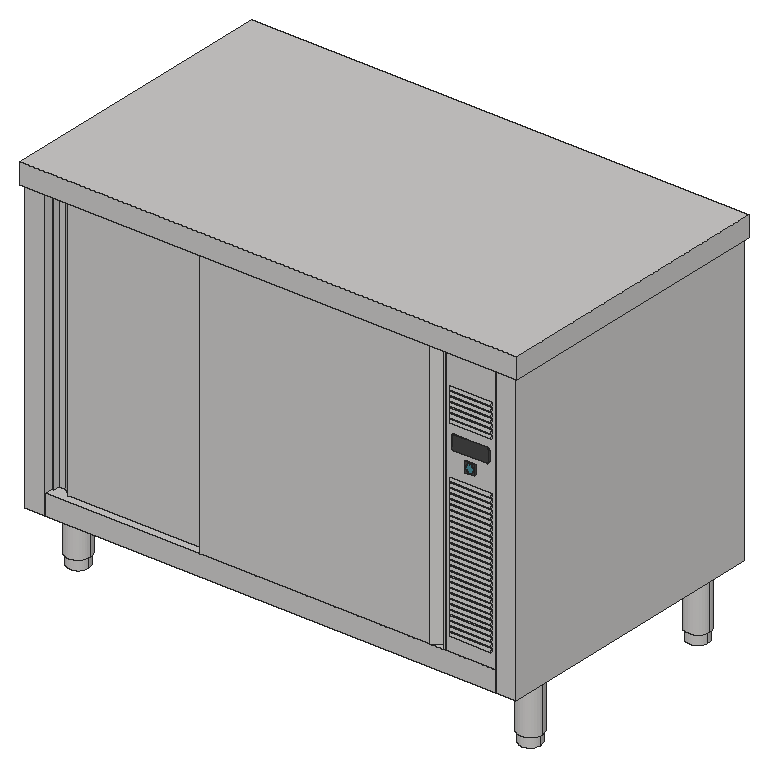
Revit family "QF_ELECTROLUXPROFESSIONAL_132786_MTC1200PN", category Attrezzature speciali, Revit 2020
Family settings
  Quota connettore circolare = Usa diametro
  Tipo di parte = Normale
  Basato su piano di lavoro = No
  Sempre verticale = Sì
  Taglio con vuoti quando caricato = No
  Condiviso = No
  Punto di calcolo locali = No
Parameters (values of type "Standard")
  Weight = 55.00 kg
  Watts = 2400 W
  Volts = 220 V
  URL Manufacturer = "https://www.electroluxprofessional.com/"
  URL = "https://www.electroluxprofessional.com/"
  Steam Supply Size = 0 mm
  Steam Supply Minimum Pressure = 0.0 Pa
  Steam Supply Maximum Pressure = 0.0 Pa
  Steam Consumption per Hour = 0
  Refrigeration Suction Line Size = 0.0 mm
  Refrigeration Liquid Line Size = 0.0 mm
  Refrigerant Compressor Remote = yes
  Prospetto di default = 0.0 mm
  Produttore = "Electrolux Professional"
  Phase = 1
  Modello = "MTC1200PN"
  Length Actual = 1200.0 mm  # constant formula
  Item Number = "132786"
  Hot Water Size = 0 mm
  Height Actual = 900.0 mm  # constant formula
  HP = "3.2 HP"
  Gas Size = 0 mm
  Gas KW = 0
  Gas Input Pressure = 0 W
  Direct Waste Size = 0 mm
  Descrizione = "HOT CUPB.VENTIL.+SHELF+SLIDING D. 1200MM"
  Depth Actual = 700.0 mm  # constant formula
  Cycle = 50 Hz
  Condensate Return Size = 0 mm
  Compressed Air Volume = 0.0 L/s
  Compressed Air Size = 0 mm
  Compressed Air Pressure = 0.0 Pa
  Cold Water Size = 0 mm
  Accessory = yes
Reference planes
  plane 1 "Center (Front/Back)": y = 0
  plane 2: z = 0
  plane 3 "Center (Left/Right)": x = -100
  plane 4 "LEFT": x = -700
  plane 5 "RIGHT": x = 500
  plane 6 "BACK": y = 350
  plane 7 "FRONT": y = -350
  plane 8 "Base": z = 850
  plane 9 "TOP": z = 900
  plane 10: x = -646.5
  plane 11: x = 446.5
  plane 12: y = 264.5
  plane 13: y = -241.5
  plane 14 "BodyLeft": x = -694.5
  plane 15 "BodyFront": y = -344.5
  plane 16 "BodyRight": x = 494.5
  plane 17 "BodyBack": y = 344.5
  plane 18 "FEET": z = 150
  plane 19: x = 324.5
  plane 20: x = -161
  plane 21: x = 444.5
  plane 22 "EIx": x = 400
  plane 23 "EIy": y = -170
Forms (mm)
  Extrusion 1, solid, material "QF_Finishes_Stainless Steel"
    sketch origin (-100, 0, 0) x (0, 1, 0) y (0, 0, 1)
      loop
        line (-350, 850) -> (350, 850) -> (350, 900) -> (-350, 900) -> (-350, 850)
    from 600 to -600
  Extrusion 2, solid, material "QF_Finishes_Stainless Steel"
    sketch origin (0, 0, 150) x (-1, 0, 0) y (0, -1, 0)
      loop
        line (694.5, -344.5) -> (694.5, 344.5) -> (644.5, 344.5) -> (644.5, -344.5) -> (694.5, -344.5)
      loop
        line (-444.5, -344.5) -> (-444.5, 344.5) -> (-494.5, 344.5) -> (-494.5, -344.5) -> (-444.5, -344.5)
    from 0 to 700
  Extrusion 3, solid, material "QF_Finishes_Stainless Steel"
    sketch origin (0, 0, 150) x (-1, 0, 0) y (0, -1, 0)
      loop
        line (644.5, -344.5) -> (644.5, 344.5) -> (-444.5, 344.5) -> (-444.5, -344.5) -> (644.5, -344.5)
    from 0 to 50
  Extrusion 4, solid, material "QF_Finishes_Stainless Steel"
    sketch origin (-1, 0, 150) x (-1, 0, 0) y (0, -1, 0)
      loop
        line (-325.5, 344.5) -> (-325.5, 324.5) -> (270.5, 324.5) -> (270.5, 344.5) -> (-285.5, 344.5) -> (-305.5, 329.5) -> (-320.5, 329.5) -> (-320.5, 344.5) -> (-325.5, 344.5)
    from 50 to 700
  Extrusion 5, solid, material "QF_Finishes_Stainless Steel"
    sketch origin (1, 20, 150) x (1, 0, 0) y (0, 1, 0)
      loop
        line (-645.5, -344.5) -> (-640.5, -344.5) -> (-640.5, -329.5) -> (-625.5, -329.5) -> (-605.5, -344.5) -> (-51.5, -344.5) -> (-51.5, -324.5) -> (-645.5, -324.5) -> (-645.5, -344.5)
    from 50 to 700
  Extrusion 6, solid, material "QF_Finishes_Stainless Steel"
    sketch origin (0, 0, 0) x (1, 0, 0) y (0, 1, 0)
      loop
        line (-644.5, -304.5) -> (324.5, -304.5) -> (324.5, 324.5) -> (-644.5, 324.5) -> (-644.5, -304.5)
    from 500 to 540
  Extrusion 7, solid, material "QF_Finishes_Stainless Steel"
    sketch origin (0, 0, 0) x (1, 0, 0) y (0, 1, 0)
      loop
        line (444.5, 344.5) -> (-644.5, 344.5) -> (-644.5, 324.5) -> (444.5, 324.5) -> (444.5, 344.5)
    from 200 to 850
  Extrusion 8, solid, material "QF_Finishes_Stainless Steel"
    sketch origin (0, 0, 150) x (-1, 0, 0) y (0, -1, 0)
      loop
        circle (-400, 170) r 10
    from 0 to -5
Cuts and joins
  joined: Extrusion 3, Extrusion 7
Lines and regions (mm)
  symbolic lines
    curve 1: line (500, 350, 900) -> (-700, 350, 900)
    curve 2: line (-700, 350, 900) -> (-700, -350, 900)
    curve 3: line (-700, -350, 900) -> (500, -350, 900)
    curve 4: line (500, -350, 900) -> (500, 350, 900)
  symbolic lines, style "SpecialityEquipmentHiddenLines"
    curve 5: line (-694.5, 344.5, 150) -> (494.5, 344.5, 150)
    curve 6: line (-694.5, -344.5, 150) -> (-694.5, 344.5, 150)
    curve 7: line (494.5, -344.5, 150) -> (-694.5, -344.5, 150)
    curve 8: line (494.5, 344.5, 150) -> (494.5, -344.5, 150)
    curve 9: line (-645.5, -304.5, 150) -> (-49.5, -304.5, 150)
    curve 10: line (-49.5, -304.5, 150) -> (-49.5, -324.5, 150)
    curve 11: line (-645.5, -324.5, 150) -> (444.5, -324.5, 150)
    curve 12: line (444.5, -324.5, 150) -> (444.5, -344.5, 150)
    curve 13: line (-645.5, -304.5, 150) -> (-645.5, -324.5, 150)
    curve 14: line (-271.5, -344.5, 0) -> (-271.5, -324.5, 0)
Dimensions and locks
  plane 4 "LEFT" to plane 5 "RIGHT" = 1200.0 mm
  equal spacing: plane 4 "LEFT", plane 3 "Center (Left/Right)", plane 5 "RIGHT"
  locked: plane 8 "Base" to level at 850
  plane 9 "TOP" to level = 900.0 mm
  plane 6 "BACK" to plane 7 "FRONT" = 700.0 mm
  equal spacing: plane 6 "BACK", plane 1 "Center (Front/Back)", plane 7 "FRONT"
  locked: plane 4 "LEFT" to plane 14 "BodyLeft" at 5.5
  locked: plane 16 "BodyRight" to plane 5 "RIGHT" at 5.5
  locked: plane 15 "BodyFront" to plane 7 "FRONT" at 5.5
  locked: plane 6 "BACK" to plane 17 "BodyBack" at 5.5
  locked: plane 14 "BodyLeft" to plane 10 at 48
  locked: plane 11 to plane 16 "BodyRight" at 48
  locked: plane 13 to plane 15 "BodyFront" at 103
  locked: plane 17 "BodyBack" to plane 12 at 80
  plane 10 to plane 11 = 1093.0 mm
  plane 12 to plane 13 = 506.0 mm
  locked: plane 14 "BodyLeft" to Extrusion 2 sketch curve at 50
  locked: Extrusion 2 sketch curve to Extrusion 2 sketch curve at 50
  equal spacing: plane 10, plane 20, plane 19
  locked: plane 21 to plane 16 "BodyRight" at 50
  locked: plane 19 to plane 21 at 120
  locked: Extrusion 4 sketch curve to plane 20 at 110.5
  locked: plane 20 to Extrusion 5 sketch curve at 110.5
  locked: plane 18 "FEET" to level at 150
  locked: plane 22 "EIx" to plane 5 "RIGHT" at 100
  plane 23 "EIy" to plane 7 "FRONT" = 180.0 mm
  aligned and locked: level to plane 2
  aligned and locked: plane 10 to nested 1
  aligned and locked: nested 1 to plane 13
  aligned and locked: plane 11 to nested 2
  aligned and locked: nested 2 to plane 13
  aligned and locked: plane 11 to nested 4
  aligned and locked: nested 4 to plane 12
  aligned and locked: plane 10 to nested 3
  aligned and locked: nested 3 to plane 12
  aligned and locked: Extrusion 1 to plane 4 "LEFT"
  aligned and locked: plane 5 "RIGHT" to Extrusion 1
  aligned and locked: curve 2 to plane 4 "LEFT"
  aligned and locked: plane 17 "BodyBack" to Extrusion 2 sketch curve
  aligned and locked: Extrusion 2 sketch curve to plane 15 "BodyFront"
  aligned and locked: Extrusion 2 sketch curve to plane 14 "BodyLeft"
  aligned and locked: plane 16 "BodyRight" to Extrusion 2 sketch curve
  aligned and locked: Extrusion 2 sketch curve to plane 17 "BodyBack"
  aligned and locked: plane 15 "BodyFront" to Extrusion 2 sketch curve
  aligned and locked: Extrusion 3 sketch curve to plane 17 "BodyBack"
  aligned and locked: plane 15 "BodyFront" to Extrusion 3 sketch curve
  aligned and locked: plane 8 "Base" to Extrusion 2
  aligned and locked: plane 8 "Base" to Extrusion 4
  aligned and locked: Extrusion 4 to Extrusion 3
  aligned and locked: Extrusion 1 to plane 8 "Base"
  aligned and locked: plane 9 "TOP" to Extrusion 1
  aligned and locked: curve 5 to plane 17 "BodyBack"
  aligned and locked: plane 14 "BodyLeft" to curve 6
  aligned and locked: plane 15 "BodyFront" to curve 7
  aligned and locked: plane 16 "BodyRight" to curve 8
  aligned and locked: Extrusion 3 to Extrusion 2  (x2)
  aligned and locked: Extrusion 6 sketch curve to Extrusion 2
  aligned and locked: Extrusion 6 sketch curve to Extrusion 5
  aligned and locked: nested 5 to plane 21
  aligned and locked: Extrusion 7 sketch curve to Extrusion 2
  aligned and locked: Extrusion 6 sketch curve to plane 19
Automatic sketch dimensions
  curve 14 to plane 15 "BodyFront" = 0.0 mm
  plane 15 "BodyFront" to curve 14 = 20.0 mm
  curve 14 to plane 20 = 110.5 mm
  curve 3 to plane 7 "FRONT" = 0.0 mm
  curve 4 to plane 6 "BACK" = 0.0 mm
  Extrusion 1 sketch curve to plane 7 "FRONT" = 0.0 mm
  Extrusion 1 sketch curve to plane 6 "BACK" = 0.0 mm
  Extrusion 1 sketch curve to plane 8 "Base" = 0.0 mm
  Extrusion 1 sketch curve to plane 9 "TOP" = 0.0 mm
  Extrusion 3 sketch curve to plane 21 = 0.0 mm
  plane 10 to Extrusion 3 sketch curve = 2.0 mm
  Extrusion 4 sketch curve to plane 19 = 0.0 mm
  Extrusion 4 sketch curve to plane 15 "BodyFront" = 0.0 mm  (x2)
  Extrusion 4 sketch curve to Extrusion 4 sketch curve = 5.0 mm
  Extrusion 4 sketch curve to Extrusion 4 sketch curve = 15.0 mm  (x2)
  Extrusion 4 sketch curve to Extrusion 4 sketch curve = 20.0 mm  (x2)
  Extrusion 5 sketch curve to plane 15 "BodyFront" = 20.0 mm  (x2)
  Extrusion 5 sketch curve to plane 10 = 42.0 mm
  Extrusion 5 sketch curve to plane 10 = 22.0 mm
  Extrusion 5 sketch curve to plane 10 = 7.0 mm
  Extrusion 5 sketch curve to plane 10 = 2.0 mm
  Extrusion 5 sketch curve to Extrusion 5 sketch curve = 15.0 mm
  Extrusion 5 sketch curve to Extrusion 5 sketch curve = 20.0 mm
  curve 12 to plane 21 = 0.0 mm
  curve 7 to plane 15 "BodyFront" = 0.0 mm
  plane 3 "Center (Left/Right)" to curve 9 = 50.5 mm
  plane 10 to curve 11 = 1.0 mm
  plane 15 "BodyFront" to curve 9 = 40.0 mm
  curve 11 to curve 12 = 20.0 mm
  plane 12 to Extrusion 6 sketch curve = 60.0 mm
  Extrusion 7 sketch curve to plane 17 "BodyBack" = 0.0 mm
  Extrusion 7 sketch curve to plane 21 = 0.0 mm
  Extrusion 7 sketch curve to plane 17 "BodyBack" = 20.0 mm
  curve 4 to plane 5 "RIGHT" = 0.0 mm
  Extrusion 8 sketch curve to plane 22 "EIx" = 0.0 mm
  Extrusion 8 sketch curve to plane 23 "EIy" = 0.0 mm
  radius of Extrusion 8 sketch curve = 10.0 mm
Nested families
  nested 1: "FEET_D58-150" at (-646.5, -241.5, 0), type "FEET_D58-150"
  nested 2: "FEET_D58-150" at (446.5, -241.5, 0), type "FEET_D58-150"
  nested 3: "FEET_D58-150" at (-646.5, 264.5, 0), type "FEET_D58-150"
  nested 4: "FEET_D58-150" at (446.5, 264.5, 0), type "FEET_D58-150"
  nested 5: "WT_PNL120x650" at (531.42, -304.5, 600) x (1, 0, 0) z (0, -1, 0), type "WT_PNL120x650"
    with Show Logo yes
Connectors
  electrical at (400, -170, 145)
    settings: on Extrusion 8, index 1, voltage 0 V, apparent load 0 VA, apparent load phase1 0 VA, apparent load phase2 0 VA, apparent load phase3 0 VA, power factor 1, load classification "Other", number of poles 1, system type 30, power factor state 1, is connector primary yes, connector utility no, sub classification motor no, connector description "Electrical connection"
Definition of nested family "FEET_D58-150"
  Parameters
    Default Elevation = 0.0 mm
    FEET = 150.0 mm
  Reference planes
    plane 1 "Center (Front/Back)": y = 0
    plane 2: z = 0
    plane 3 "Center (Left/Right)": x = 0
    plane 4: z = 150
  Forms (mm)
    Extrusion 1, solid
      sketch origin (0, 0, 0) x (1, 0, 0) y (0, 1, 0)
        loop
          circle (0, 0) r 25
      from 0 to 25
    Extrusion 2, solid
      sketch origin (0, 0, 0) x (1, 0, 0) y (0, 1, 0)
        loop
          circle (0.061, 0) r 29
      from 25 to 150 <- "FEET"
  Lines and regions (mm)
    symbolic lines
      curve 1: line (0, -1.503, 0) -> (0, 1.508, 0)
      curve 2: line (1.561, 0, 0) -> (-1.439, 0, 0)
  Dimensions and locks
    "FEET": plane 4 to plane 2
    aligned and locked: level to plane 2
  Automatic sketch dimensions
    plane 1 "Center (Front/Back)" to Extrusion 1 sketch curve = 0.0 mm
    Extrusion 1 sketch curve to plane 3 "Center (Left/Right)" = 0.0 mm
    plane 1 "Center (Front/Back)" to curve 2 = 0.0 mm
    curve 1 to plane 3 "Center (Left/Right)" = 0.0 mm
    curve 2 to plane 3 "Center (Left/Right)" = 1.439 mm
    plane 3 "Center (Left/Right)" to curve 2 = 1.561 mm
    plane 1 "Center (Front/Back)" to curve 1 = 1.503 mm
    curve 1 to plane 1 "Center (Front/Back)" = 1.508 mm
    plane 1 "Center (Front/Back)" to Extrusion 2 sketch curve = 0.0 mm
    plane 3 "Center (Left/Right)" to Extrusion 2 sketch curve = 0.061 mm
    radius of Extrusion 1 sketch curve = 25.0 mm
    radius of Extrusion 2 sketch curve = 29.0 mm
Definition of nested family "WT_PNL120x650"
  Parameters
    Show Logo [instance] = yes
    Default Elevation = 1219.2 mm
  Reference planes
    plane 1 "Center (Front/Back)": y = -75
    plane 2: z = 0
    plane 3 "Center (Left/Right)": x = -146.92
    plane 4: x = -206.92
    plane 5: x = -86.92
    plane 6: y = 250
    plane 7: y = -400
    plane 8 "TOP": z = 40
  Forms (mm)
    Extrusion 1, solid
      sketch origin (0, 0, 0) x (1, 0, 0) y (0, 1, 0)
        loop
          line (-1219.2, 1219.2) -> (-1219.2, -1219.2) -> (1219.2, -1219.2) -> (1219.2, 1219.2) -> (-1219.2, 1219.2)
      from 0 to -304.8
    Extrusion 2, solid
      sketch origin (0, 0, 0) x (1, 0, 0) y (0, 1, 0)
        loop
          line (-206.92, 250) -> (-206.92, -400) -> (-86.92, -400) -> (-86.92, 250) -> (-206.92, 250)
      from 0 to 40
    Extrusion 3, void
      sketch origin (0, 0, 40) x (-1, 0, 0) y (0, -1, 0)
        loop
          arc (101.92, -68.899) -> (103.795, -73.256) -> (108.247, -74.89) r 6
          line (108.247, -74.89) -> (185.92, -74.89)
          arc (185.92, -74.89) -> (190.163, -73.133) -> (191.92, -68.89) r 6
          line (191.92, -68.89) -> (191.92, -45.89)
          arc (191.92, -45.89) -> (190.163, -41.648) -> (185.92, -39.89) r 6
          line (185.92, -39.89) -> (107.92, -39.89)
          arc (107.92, -39.89) -> (103.677, -41.648) -> (101.92, -45.89) r 6
          line (101.92, -45.89) -> (101.92, -68.899)
        loop
          line (158.92, -27.89) -> (158.92, -2.89) -> (134.92, -2.89) -> (134.92, -27.89) -> (158.92, -27.89)
      from -2 to 0
    Extrusion 4, solid
      sketch origin (0, 0, 40) x (-1, 0, 0) y (0, -1, 0)
        loop
          line (185.92, -39.89) -> (107.92, -39.89)
          arc (107.92, -39.89) -> (103.677, -41.648) -> (101.92, -45.89) r 6
          line (101.92, -45.89) -> (101.92, -68.899)
          arc (101.92, -68.899) -> (103.795, -73.256) -> (108.247, -74.89) r 6
          line (108.247, -74.89) -> (185.92, -74.89)
          arc (185.92, -74.89) -> (190.163, -73.133) -> (191.92, -68.89) r 6
          line (191.92, -68.89) -> (191.92, -45.89)
          arc (191.92, -45.89) -> (190.163, -41.648) -> (185.92, -39.89) r 6
      from -2 to 1
    Extrusion 5, solid
      sketch origin (-146.92, 0, 0) x (0, 1, 0) y (0, 0, 1)
        loop
          line (95.896, 40) -> (104.899, 40) -> (95.896, 41.206) -> (95.896, 40)
        loop
          line (107.896, 40) -> (116.899, 40) -> (107.896, 41.206) -> (107.896, 40)
        loop
          line (119.896, 40) -> (128.899, 40) -> (119.896, 41.206) -> (119.896, 40)
        loop
          line (131.896, 40) -> (140.899, 40) -> (131.896, 41.206) -> (131.896, 40)
        loop
          line (143.896, 40) -> (152.899, 40) -> (143.896, 41.206) -> (143.896, 40)
        loop
          line (155.896, 40) -> (164.899, 40) -> (155.896, 41.206) -> (155.896, 40)
        loop
          line (167.896, 40) -> (176.899, 40) -> (167.896, 41.206) -> (167.896, 40)
        loop
          line (-102.104, 40) -> (-93.101, 40) -> (-102.104, 41.206) -> (-102.104, 40)
        loop
          line (-90.104, 40) -> (-81.101, 40) -> (-90.104, 41.206) -> (-90.104, 40)
        loop
          line (-78.104, 40) -> (-69.101, 40) -> (-78.104, 41.206) -> (-78.104, 40)
        loop
          line (-66.104, 40) -> (-57.101, 40) -> (-66.104, 41.206) -> (-66.104, 40)
        loop
          line (-54.104, 40) -> (-45.101, 40) -> (-54.104, 41.206) -> (-54.104, 40)
        loop
          line (-42.104, 40) -> (-33.101, 40) -> (-42.104, 41.206) -> (-42.104, 40)
        loop
          line (-30.104, 40) -> (-21.101, 40) -> (-30.104, 41.206) -> (-30.104, 40)
        loop
          line (-174.104, 40) -> (-165.101, 40) -> (-174.104, 41.206) -> (-174.104, 40)
        loop
          line (-162.104, 40) -> (-153.101, 40) -> (-162.104, 41.206) -> (-162.104, 40)
        loop
          line (-150.104, 40) -> (-141.101, 40) -> (-150.104, 41.206) -> (-150.104, 40)
        loop
          line (-138.104, 40) -> (-129.101, 40) -> (-138.104, 41.206) -> (-138.104, 40)
        loop
          line (-126.104, 40) -> (-117.101, 40) -> (-126.104, 41.206) -> (-126.104, 40)
        loop
          line (-114.104, 40) -> (-105.101, 40) -> (-114.104, 41.206) -> (-114.104, 40)
        loop
          line (-246.104, 40) -> (-237.101, 40) -> (-246.104, 41.206) -> (-246.104, 40)
        loop
          line (-234.104, 40) -> (-225.101, 40) -> (-234.104, 41.206) -> (-234.104, 40)
        loop
          line (-222.104, 40) -> (-213.101, 40) -> (-222.104, 41.206) -> (-222.104, 40)
        loop
          line (-210.104, 40) -> (-201.101, 40) -> (-210.104, 41.206) -> (-210.104, 40)
        loop
          line (-198.104, 40) -> (-189.101, 40) -> (-198.104, 41.206) -> (-198.104, 40)
        loop
          line (-186.104, 40) -> (-177.101, 40) -> (-186.104, 41.206) -> (-186.104, 40)
        loop
          line (-318.104, 40) -> (-309.101, 40) -> (-318.104, 41.206) -> (-318.104, 40)
        loop
          line (-306.104, 40) -> (-297.101, 40) -> (-306.104, 41.206) -> (-306.104, 40)
        loop
          line (-294.104, 40) -> (-285.101, 40) -> (-294.104, 41.206) -> (-294.104, 40)
        loop
          line (-282.104, 40) -> (-273.101, 40) -> (-282.104, 41.206) -> (-282.104, 40)
        loop
          line (-270.104, 40) -> (-261.101, 40) -> (-270.104, 41.206) -> (-270.104, 40)
        loop
          line (-258.104, 40) -> (-249.101, 40) -> (-258.104, 41.206) -> (-258.104, 40)
        loop
          line (-366.104, 40) -> (-357.101, 40) -> (-366.104, 41.206) -> (-366.104, 40)
        loop
          line (-354.104, 40) -> (-345.101, 40) -> (-354.104, 41.206) -> (-354.104, 40)
        loop
          line (-342.104, 40) -> (-333.101, 40) -> (-342.104, 41.206) -> (-342.104, 40)
        loop
          line (-330.104, 40) -> (-321.101, 40) -> (-330.104, 41.206) -> (-330.104, 40)
      from -50 to 50
    Extrusion 6, solid
      sketch origin (0, 0, 40) x (-1, 0, 0) y (0, -1, 0)
        loop
          line (134.92, -27.89) -> (158.92, -27.89) -> (158.92, -2.89) -> (134.92, -2.89) -> (134.92, -27.89)
        loop
          circle (146.92, -15.39) r 9
      from -2 to 3
    Extrusion 7, solid
      sketch origin (0, 0, 40) x (-1, 0, 0) y (0, -1, 0)
        loop
          circle (146.92, -15.39) r 9
      from 0 to 3
  Cuts and joins
    Extrusion 3 cuts Extrusion 2
  Dimensions and locks
    equal spacing: plane 6, plane 1 "Center (Front/Back)", plane 7
    equal spacing: plane 4, plane 3 "Center (Left/Right)", plane 5
    plane 8 "TOP" to level = 40.0 mm
    aligned and locked: plane 2 to Extrusion 1
    aligned and locked: level to Extrusion 1
  Automatic sketch dimensions
    Extrusion 1 sketch curve to Extrusion 1 sketch curve = 2438.4 mm  (x2)
    Extrusion 2 sketch curve to plane 4 = 0.0 mm
    Extrusion 2 sketch curve to plane 5 = 0.0 mm
    Extrusion 2 sketch curve to plane 7 = 0.0 mm
    Extrusion 2 sketch curve to plane 6 = 0.0 mm
    Extrusion 5 sketch curve to plane 8 "TOP" = 0.0 mm  (x36)
    Extrusion 5 sketch curve to Extrusion 5 sketch curve = 9.003 mm  (x35)
    plane 8 "TOP" to Extrusion 5 sketch curve = 1.206 mm  (x22)
    Extrusion 5 sketch curve to Extrusion 5 sketch curve = 2.997 mm  (x33)
    plane 1 "Center (Front/Back)" to Extrusion 5 sketch curve = 6.101 mm
    plane 1 "Center (Front/Back)" to Extrusion 5 sketch curve = 3.104 mm
    Extrusion 5 sketch curve to plane 1 "Center (Front/Back)" = 5.899 mm
    Extrusion 5 sketch curve to Extrusion 5 sketch curve = 116.997 mm
    Extrusion 5 sketch curve to Extrusion 5 sketch curve = 1.206 mm  (x14)
    Extrusion 4 sketch curve to plane 5 = 15.0 mm
    Extrusion 4 sketch curve to Extrusion 4 sketch curve = 6.0 mm  (x3)
    Extrusion 4 sketch curve to Extrusion 4 sketch curve = 0.327 mm
    plane 4 to Extrusion 4 sketch curve = 21.0 mm  (x2)
    Extrusion 4 sketch curve to plane 1 "Center (Front/Back)" = 149.89 mm
    Extrusion 4 sketch curve to Extrusion 4 sketch curve = 23.009 mm
    Extrusion 3 sketch curve to plane 5 = 15.0 mm
    Extrusion 3 sketch curve to Extrusion 3 sketch curve = 6.0 mm  (x3)
    Extrusion 3 sketch curve to Extrusion 3 sketch curve = 0.327 mm
    plane 3 "Center (Left/Right)" to Extrusion 3 sketch curve = 12.0 mm
    Extrusion 3 sketch curve to plane 3 "Center (Left/Right)" = 12.0 mm
    plane 4 to Extrusion 3 sketch curve = 21.0 mm  (x2)
    Extrusion 3 sketch curve to plane 1 "Center (Front/Back)" = 149.89 mm
    Extrusion 3 sketch curve to Extrusion 3 sketch curve = 23.0 mm
    Extrusion 3 sketch curve to Extrusion 3 sketch curve = 12.0 mm
    Extrusion 3 sketch curve to Extrusion 3 sketch curve = 25.0 mm
    Extrusion 6 sketch curve to plane 3 "Center (Left/Right)" = 0.0 mm
    plane 3 "Center (Left/Right)" to Extrusion 6 sketch curve = 12.0 mm
    Extrusion 6 sketch curve to plane 3 "Center (Left/Right)" = 12.0 mm
    Extrusion 6 sketch curve to plane 1 "Center (Front/Back)" = 102.89 mm
    Extrusion 6 sketch curve to Extrusion 6 sketch curve = 12.5 mm  (x2)
    Extrusion 7 sketch curve to plane 3 "Center (Left/Right)" = 0.0 mm
    Extrusion 7 sketch curve to plane 1 "Center (Front/Back)" = 90.39 mm
    radius of Extrusion 6 sketch curve = 9.0 mm
    radius of Extrusion 7 sketch curve = 9.0 mm
